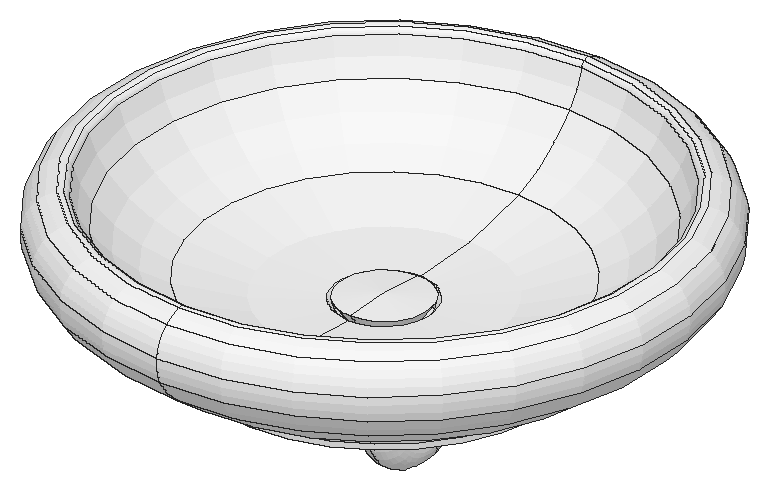
Revit family "WashBasin-50cm-Bowl-VitrA-İstanbulSeries-4522", category Plumbing Fixtures, host Face, Revit 2017
Family settings
  Host = Face
  Round Connector Dimension = Use Diameter
  Part Type = Normal
  OmniClass Number = 23.45.05.14.14
  OmniClass Title = Sinks/Lavatories
  Cut with Voids When Loaded = No
  Shared = Yes
  Room Calculation Point = No
Parameters (values of type "WashBasin-50cm-Bowl-VitrA-İstanbulSeries-4522B403-0016")
  Youtube = "https://www.youtube.com/user/VitrAglobal"
  Weight Net (kg) = "13.9"
  Waste Connection = yes
  Warranty Period (Year) = "10 Years"
  Vent Connection = no
  Uniformat II Description = "Plumbing Fixtures"
  Uniformat II Code = "D2010"
  Uniclass 2015 Name = "Wash basins, Sinks and troughs"
  Uniclass 2015 Code = "Pr_40_20_96_81"
  Uniclass 2.0 Description = "Sanitary Dispensing And Disposal Units"
  Uniclass 2.0 Code = "SS-35-65-70-94"
  Uniclass 1.4 Description = "Washbasins"
  Uniclass 1.4 Code = "L7212"
  URL = "https://www.vitraglobal.com"
  UNSPSC Description = ""
  UNSPSC Code = "301815"
  Technical description = "https://www.vitraglobal.com/pdf/4522B403-0016/"
  Tap hole Options (default) = ""
  Specification = ""
  Region South America = "All"
  Region Oceania = "All"
  Region North America = "All"
  Region Middle East = "All"
  Region Europe = "All"
  Region Asia = "All"
  Region Antarctica = "All"
  Region Africa = "All"
  Product url = "https://www.vitraglobal.com/bathroom-sanitaryware/washbasins/bowls/istanbul-bowl-sku-4522B403-0016/"
  Product manual = ""
  Product group = "İstanbul"
  Product family = "Countertop WashBasin"
  Product data url = "https://www.bimobject.com/vitra-bathrooms/product/4522"
  Product certification = "https://www.vitraglobal.com/brochures/"
  Product SKU = "4522B403-0016"
  Product Guid = ""
  Primary Material = White
  OmniClass Description = "Sinks/Lavatories"
  OmniClass Code = "23.45.05.14.14"
  Nominal Width (mm) = 500 mm
  Nominal Height (mm) = 130 mm
  Nominal Depth (mm) = 500 mm
  NBS Referans Description = "Wash Basin Systems"
  NBS Referans Code = "35-65-70-94"
  Mounting type = "Countertop"
  Model = "4522B403-0016"
  Masterformat 2014 Description = "Residential Lavatories and Sinks"
  Masterformat 2014 Code = "22 41 16"
  Manufacturer name = "VitrA"
  Manufacturer = "VitrA"
  Main Material = "Ceramic"
  Installation instructions = ""
  IFC Classification = "Sanitary Terminal"
  HW Connection = no
  EAN code = ""
  Design country = "Turkey"
  Description = "İstanbul Bowl - Without Tap Hole Without Overflow Hole - 50 cm - White"
  Default Elevation = 850 mm
  Color = "White"
  CW Connection = no
  COBIe Type Category = ""
  Brand = "VitrA"
  BIMobject category = "Sanitary - Basins"
  Article No. (default) = "4522B403-0016"
  Accessories (default) = ""
Types (4, lengths in mm): name | Technical description | Product url | Product data url | Product SKU | Primary Material | Model | Description | Color | Article No. (default)
  WashBasin-50cm-Bowl-VitrA-İstanbulSeries-4522B403-0016 | "https://www.vitraglobal.com/pdf/4522B403-0016/" | "https://www.vitraglobal.com/bathroom-sanitaryware/washbasins/bowls/istanbul-bowl-sku-4522B403-0016/" | "https://www.bimobject.com/vitra-bathrooms/product/4522" | "4522B403-0016" | White | "4522B403-0016" | "İstanbul Bowl - Without Tap Hole Without Overflow Hole - 50 cm - White" | "White" | "4522B403-0016"
  WashBasin-50cm-Bowl-VitrA-İstanbulSeries-4522B470-0016 | "https://www.vitraglobal.com/pdf/4522B470-0016/" | "" | "https://www.vitraglobal.com/bathroom-sanitaryware/washbasins/countertop-washbasins/istanbul-bowl-sku-4522B470-0016/" | "4522B470-0016" | Black | "4522B470-0016" | "İstanbul Bowl - Without Tap Hole Without Overflow Hole - 50 cm - Black" | "Black" | "4522B470-0016"
  WashBasin-50cm-Bowl-VitrA-İstanbulSeries-4522B403H0016 | "https://www.vitra-india.com/pdf/4522B403H0016/" | "https://www.vitra-india.com/bathroom-sanitaryware/washbasins/bowls/istanbul-bowl-sku-4522B403H0016/" | "" | "4522B403H0016" | White | "4522B403H0016" | "İstanbul Bowl - Without Tap Hole Without Overflow Hole - 50 cm - White" | "White" | "4522B403H0016"
  WashBasin-50cm-Bowl-VitrA-İstanbulSeries-4522B470H0016 | "https://www.vitra-india.com/pdf/4522B470H0016/" | "https://www.vitra-india.com/bathroom-sanitaryware/washbasins/countertop-washbasins/istanbul-bowl-sku-4522B470H0016/" | "" | "4522B470H0016" | Black | "4522B470H0016" | "İstanbul Bowl - Without Tap Hole Without Overflow Hole - 50 cm - Black" | "Black" | "4522B470H0016"
Reference planes
  plane 1 "Center (Front/Back)": y = 0
  plane 2: z = 0
  plane 3 "Center (Left/Right)": x = 0
  plane 4: y = -251.414
  plane 5: y = 248.586
  plane 6: x = 249.456
  plane 7: x = -250.544
  plane 8: z = 130
Forms (mm)
  Revolve 1, solid, material "White" <- "Primary Material", detail levels fine
    sketch origin (0, 0, 0) x (0, 1, 0) y (0, 0, 1)
      loop
        line (-23.02, 0.147) -> (-23.02, 11.235) -> (-35.953, 22.088) -> (-35.953, 32.997) -> (-39.489, 36.533)
        arc (-39.489, 36.533) -> (-94.055, 39.645) -> (-146.912, 53.547) r 273.453
        arc (-146.912, 53.547) -> (-177.924, 70.55) -> (-202.817, 95.674) r 123.021
        arc (-202.817, 95.674) -> (-210.627, 108.553) -> (-215.968, 122.638) r 82.538
        arc (-215.968, 122.638) -> (-217.287, 125.199) -> (-219.518, 127.022) r 7.082
        arc (-219.518, 127.022) -> (-222.172, 127.797) -> (-224.92, 127.496) r 7.082
        arc (-224.92, 127.496) -> (-232.036, 124.586) -> (-238.574, 120.54) r 46.385
        arc (-238.574, 120.54) -> (-245.99, 110.66) -> (-249.624, 98.853) r 35.942
        arc (-249.624, 98.853) -> (-249.053, 88.155) -> (-245.931, 77.908) r 44.281
        arc (-245.931, 77.908) -> (-238.471, 66.645) -> (-229.004, 57.006) r 70.694
        arc (-229.004, 57.006) -> (-198.386, 35.153) -> (-164.717, 18.378) r 238.83
        arc (-164.717, 18.378) -> (-158.711, 15.643) -> (-152.968, 12.392) r 75.137
        arc (-152.968, 12.392) -> (-149.499, 9.211) -> (-147.398, 4.999) r 12.935
        arc (-147.398, 4.999) -> (-147.112, 2.577) -> (-146.912, 0.147) r 69.309
        line (-146.912, 0.147) -> (-23.02, 0.147)
      axis (0, 127.496) -> (0, 0.147)
    angle from 0 to 360
  Revolve 2, solid, detail levels medium
    sketch origin (0, 0, 0) x (0, 1, 0) y (0, 0, 1)
      loop
        arc (0, 36.533) -> (-22.77, 36.174) -> (-45.541, 36.533) r 722.109
        arc (-45.541, 36.533) -> (-90.438, 40.745) -> (-134.469, 50.478) r 363.867
        arc (-134.469, 50.478) -> (-168.037, 62.336) -> (-195.09, 85.478) r 97.277
        arc (-195.09, 85.478) -> (-207.644, 104.26) -> (-216.635, 124.985) r 125.748
        arc (-216.635, 124.985) -> (-219.242, 127.656) -> (-222.858, 128.578) r 6.898
        arc (-222.858, 128.578) -> (-242.643, 119.48) -> (-249.624, 98.853) r 27.524
        arc (-249.624, 98.853) -> (-239.81, 69.547) -> (-217.453, 48.209) r 64.279
        arc (-217.453, 48.209) -> (-186.566, 26.68) -> (-160, 0) r 210.84
        line (-160, 0) -> (0, 0) -> (0, 36.533)
      axis (0, 0) -> (0, 128.578)
    angle from 0 to 360
  Extrusion 3, solid, detail levels coarse
    sketch origin (0, 0, 0) x (1, 0, 0) y (0, 1, 0)
      loop
        circle (0, 0) r 249.624
    from 0 to 130
  Revolve 4, solid, material "White" <- "Primary Material", detail levels fine
    sketch origin (0, 0, 0) x (0, 1, 0) y (0, 0, 1)
      loop
        line (0, 22.088) -> (25, 22.088) -> (36.472, 38.471)
        arc (36.472, 38.471) -> (18.294, 40.574) -> (0, 41.021) r 201.577
        line (0, 41.021) -> (0, 22.088)
      axis (0, 22.088) -> (0, 41.021)
    angle from 0 to 360
Dimensions and locks
  "Nominal Depth (mm)": plane 5 to plane 4
  "Nominal Width (mm)": plane 7 to plane 6
  "Nominal Height (mm)": plane 8 to host face
  aligned and locked: plane 2 to host face
  aligned and locked: level to host face
Automatic sketch dimensions
  host sketch curve to host sketch curve = 2438.4 mm
  host sketch curve to host sketch curve = 2259.2 mm
  Revolve 1 sketch curve to Revolve 1 sketch curve = 0 mm  (x10)
  Revolve 1 sketch curve to plane 1 "Center (Front/Back)" = 0 mm
  level to Revolve 1 sketch curve = 0.147 mm
  plane 1 "Center (Front/Back)" to Revolve 1 sketch curve = 23.02 mm
  Revolve 1 sketch curve to Revolve 1 sketch curve = 12.933 mm
  Revolve 1 sketch curve to Revolve 1 sketch curve = 3.536 mm  (x2)
  plane 1 "Center (Front/Back)" to Revolve 1 sketch curve = 51.277 mm
  Revolve 1 sketch curve to Revolve 1 sketch curve = 24.103 mm
  Revolve 1 sketch curve to Revolve 1 sketch curve = 28.508 mm
  Revolve 1 sketch curve to Revolve 1 sketch curve = 32.554 mm
  plane 4 to Revolve 1 sketch curve = 104.501 mm
  level to Revolve 1 sketch curve = 1.427 mm
  Revolve 1 sketch curve to Revolve 1 sketch curve = 12.917 mm
  plane 4 to Revolve 1 sketch curve = 67.882 mm
  plane 4 to Revolve 1 sketch curve = 58.591 mm
  plane 4 to Revolve 1 sketch curve = 45.969 mm
  plane 4 to Revolve 1 sketch curve = 40.435 mm
  Revolve 1 sketch curve to Revolve 1 sketch curve = 8.521 mm
  Revolve 1 sketch curve to level = 4.326 mm
  plane 4 to Revolve 1 sketch curve = 35.337 mm
  plane 4 to Revolve 1 sketch curve = 28.622 mm
  Revolve 1 sketch curve to level = 51.304 mm
  Revolve 1 sketch curve to Revolve 1 sketch curve = 11.088 mm
  Revolve 1 sketch curve to Revolve 1 sketch curve = 10.852 mm
  Revolve 1 sketch curve to Revolve 1 sketch curve = 10.91 mm
  Revolve 1 sketch curve to Revolve 1 sketch curve = 11.086 mm
  Revolve 1 sketch curve to Revolve 1 sketch curve = 1.502 mm
  Revolve 1 sketch curve to Revolve 1 sketch curve = 15.289 mm
  Revolve 1 sketch curve to Revolve 1 sketch curve = 71.071 mm
  Revolve 1 sketch curve to Revolve 1 sketch curve = 69.862 mm
  Revolve 1 sketch curve to Revolve 1 sketch curve = 0.486 mm
  Revolve 1 sketch curve to Revolve 1 sketch curve = 5.402 mm
  Revolve 1 sketch curve to Revolve 1 sketch curve = 13.654 mm
  Revolve 1 sketch curve to Revolve 1 sketch curve = 16.926 mm
  Revolve 1 sketch curve to Revolve 1 sketch curve = 37.15 mm
  Revolve 1 sketch curve to Revolve 1 sketch curve = 25 mm
  Revolve 1 sketch curve to plane 8 = 46.743 mm
  Revolve 1 sketch curve to plane 8 = 9.258 mm
  Revolve 1 sketch curve to Revolve 1 sketch curve = 33.602 mm
  Revolve 1 sketch curve to Revolve 1 sketch curve = 24.063 mm
  Revolve 2 sketch curve to level = 0 mm
  Revolve 2 sketch curve to plane 1 "Center (Front/Back)" = 0 mm  (x2)
  plane 1 "Center (Front/Back)" to Revolve 2 sketch curve = 22.77 mm
  plane 1 "Center (Front/Back)" to Revolve 2 sketch curve = 34.067 mm
  plane 8 to Revolve 2 sketch curve = 34.464 mm
  plane 1 "Center (Front/Back)" to Revolve 2 sketch curve = 97.245 mm
  plane 8 to Revolve 2 sketch curve = 16.58 mm
  Revolve 2 sketch curve to Revolve 2 sketch curve = 22.153 mm
  plane 4 to Revolve 2 sketch curve = 91.414 mm
  Revolve 2 sketch curve to plane 8 = 25.987 mm
  plane 4 to Revolve 2 sketch curve = 65.861 mm
  plane 4 to Revolve 2 sketch curve = 29.225 mm
  Revolve 2 sketch curve to plane 8 = 8.317 mm
  Revolve 2 sketch curve to Revolve 2 sketch curve = 0.502 mm
  Revolve 2 sketch curve to plane 4 = 70.678 mm
  Revolve 2 sketch curve to level = 134.833 mm
  Revolve 2 sketch curve to Revolve 2 sketch curve = 36.533 mm
  Revolve 2 sketch curve to Revolve 2 sketch curve = 20.621 mm
  Revolve 2 sketch curve to Revolve 2 sketch curve = 235.755 mm
  Revolve 2 sketch curve to Revolve 2 sketch curve = 358.064 mm
  Revolve 2 sketch curve to Revolve 2 sketch curve = 0 mm  (x4)
  level to Revolve 2 sketch curve = 50.478 mm
  Revolve 2 sketch curve to plane 8 = 5.015 mm
  Revolve 2 sketch curve to Revolve 2 sketch curve = 18.266 mm
  Revolve 2 sketch curve to Revolve 2 sketch curve = 41.376 mm
  plane 1 "Center (Front/Back)" to Extrusion 3 sketch curve = 0 mm
  Extrusion 3 sketch curve to plane 3 "Center (Left/Right)" = 0 mm
  Revolve 4 sketch curve to plane 1 "Center (Front/Back)" = 0 mm  (x2)
  Revolve 4 sketch curve to plane 1 "Center (Front/Back)" = 4.232 mm
  Revolve 4 sketch curve to Revolve 4 sketch curve = 25 mm
  Revolve 4 sketch curve to Revolve 4 sketch curve = 11.472 mm
  Revolve 4 sketch curve to level = 160.512 mm
  level to Revolve 4 sketch curve = 22.088 mm
  Revolve 4 sketch curve to Revolve 4 sketch curve = 16.383 mm
  Revolve 4 sketch curve to Revolve 4 sketch curve = 5 mm
  Revolve 4 sketch curve to Revolve 4 sketch curve = 9.457 mm
  radius of Extrusion 3 sketch curve = 249.624 mm
Nested families
  nested 1: "Trap-BidetTrap-PType-Vitra-Other-A45118" at (-0.301, 331.25, -51.909) x (1, 0, 0) z (0, -1, 0), type "Trap-BidetTrap-PType-Vitra-Other-A45118"
Connectors
  piping at (0.039, 330.937, -38.062), diameter 50, driven by "Waste Connection"
    settings: on nested 1, index 1, connector inside diameter 609.6 mm, connector length 0 mm, flow factor 0, pipe flow 0.0 L/s, pressure drop 0.0 Pa, fitting loss kfactor 0, connector angle 0.00°, fixture units 0, engagement length 0 mm, angle of deflection 0.00°, flow configuration 0, flow direction 2, fitting loss method 0, system type 16, joint type 0, gender type 0, connector reference index -1, connector utility 1, adjustable connector no, is connector primary yes, connector description ""
Definition of nested family "Trap-BidetTrap-PType-Vitra-Other-A45118"
  Parameters (values of type "Trap-BidetTrap-PType-Vitra-Other-A45118")
    Youtube clip = "https://www.youtube.com/user/VitrAglobal"
    Width(mm) = 70 mm
    Weight Net (Kg) = 0.908
    Warranty Period (Year) = "5"
    Uniformat II Description = "Plumbing Fixtures"
    Uniformat II Code = "D2010"
    Uniclass 2015 Name = "Drainage traps and accessories"
    Uniclass 2015 Code = "Pr_65_52_25"
    Uniclass 2.0 Description = "Drainage Traps"
    Uniclass 2.0 Code = "PR-62-24"
    Uniclass 1.4 Description = "Traps for sinks and basins"
    Uniclass 1.4 Code = "L7218"
    URL = "https://vitraglobal.com/"
    UNSPSC Description = "Traps and strainers"
    UNSPSC Code = "401425"
    Technical description = "https://www.vitraglobal.com/pdf/A45118/"
    Region South America = "All"
    Region Oceania = "All"
    Region North America = "All"
    Region Middle East = "All"
    Region Europe = "All"
    Region Asia = "All"
    Region Antarctica = "All"
    Region Africa = "All"
    Product url = ""
    Product group = "P Type Trap"
    Product family = "OtherSeries"
    Product data url = "https://www.vitraglobal.com/taps-mixers/complimentary-products/syphon-and-strainer/traps-bidet-trap-p-type--sku-A45118/"
    Product certification = "https://vitraglobal.com/catalogues/quality-certificates"
    Product Type = "Trap"
    Product SKU = "A45118"
    Product Properties = ""
    Product Guid = ""
    OmniClass Description = "Liquid Traps"
    OmniClass Code = "23-27 37 00"
    Number Of Connections = "1"
    Nominal width = 0
    Nominal height = 0
    NBS Reference Description = "Traps and strainers"
    NBS Reference Code = "401425"
    MountingType = "Pipe connection"
    Model = "A45118"
    Masterformat 2014 Description = "Plumbing Fixtures"
    Masterformat 2014 Code = "22 40 00"
    Manufacturer name = "Vitra"
    Manufacturer country = "Turkey"
    Manufacturer = "Vitra"
    Installation instructions = ""
    IFC Classification = "Sanitary Terminal"
    Height(mm) = 110 mm
    HW Connection = yes
    GTIP code = ""
    Features = ""
    EAN code = ""
    Design country = ""
    Description = "Traps Bidet Trap (P Type)"
    Depth(mm) = 355 mm
    Default Elevation = 650 mm
    Date of publishing = "2003"
    Cost = 0
    Connection Diameter (mm) = 15 mm
    Color = "Chrome"
    Coating Material = none
    CW Connection = yes
    COBIe Type Category = ""
    Brand = "VitrA"
    BIMobject category = "Sanitary - Taps & Mixers"
    Article No. (default) = "A45118"
    Approvals = ""
    ApplicationType = ""
  Types (5, lengths in mm): name | Product SKU | Model | Color | Article No. (default)
    Trap-BidetTrap-PType-Vitra-Other-A45118 | "A45118" | "A45118" | "Chrome" | "A45118"
    Trap-BidetTrap-PType-Vitra-Other-A4511823EXP | "A4511823EXP" | "A4511823EXP" | "" | "A4511823EXP"
    Trap-BidetTrap-PType-Vitra-Other-A45118EXP | "A45118EXP" | "A45118EXP" | "Chrome" | "A45118EXP"
    Trap-BidetTrap-PType-Vitra-Other-A45118TPL | "A45118TPL" | "A45118TPL" | "Chrome" | "A45118TPL"
    Trap-BidetTrap-PType-Vitra-Other-A45118TPX | "A45118TPX" | "A45118TPX" | "Chrome" | "A45118TPX"
  Reference planes
    plane 1 "Center (Front/Back)": y = 0
    plane 2: z = 0
    plane 3 "Center (Left/Right)": x = 0
    plane 4: x = 35
    plane 5: x = -35
    plane 6: y = 52.097
    plane 7: y = -57.903
    plane 8: z = 355
  Forms (mm)
    Revolve 1, solid, material <- "Coating Material"
      sketch origin (0.34, -600, -766.278) x (0, 0, 1) y (0, 1, 0)
        loop
          line (1113.49, 643.097) -> (1116.09, 643.097)
          arc (1116.09, 643.097) -> (1118.212, 643.975) -> (1119.09, 646.097) r 3
          line (1119.09, 646.097) -> (1119.09, 652.097) -> (1097.59, 652.097) -> (1097.59, 623.02) -> (1113.49, 623.02) -> (1113.49, 643.097)
        axis (1097.59, 652.097) -> (1097.59, 623.02)
      angle from 0 to 360
    Sweep 2, solid, material <- "Coating Material"
      path origin (0.34, -600, -766.278) x (0, 0, 1) y (0, 1, 0)
        loop
          line (1097.59, 608.575) -> (1097.59, 592.847)
          arc (1097.59, 592.847) -> (1086.661, 570.652) -> (1062.405, 565.784) r 28
          arc (1062.405, 565.784) -> (1055.589, 568.599) -> (1049.745, 573.095) r 28
          arc (1049.745, 573.095) -> (1044.313, 580.804) -> (1041.748, 589.879) r 28
          arc (1041.748, 589.879) -> (1033.014, 606.974) -> (1015.09, 613.847) r 26.809
      profile origin (0.34, 0.711, 331.312) x (0, 0, 1) y (-1, 0, 0)
        loop
          circle (0, 0) r 18
    Revolve 3, solid, material <- "Coating Material"
      sketch origin (0.34, -600, -766.278) x (0, 0, 1) y (0, 1, 0)
        loop
          line (1097.59, 623.02) -> (1097.59, 608.575) -> (1115.59, 608.575) -> (1117.269, 610.699) -> (1117.269, 614.02) -> (1119.09, 614.02) -> (1119.09, 620.02)
          arc (1119.09, 620.02) -> (1118.212, 622.141) -> (1116.09, 623.02) r 3
          line (1116.09, 623.02) -> (1097.59, 623.02)
        axis (1097.59, 623.02) -> (1097.59, 608.575)
      angle from 0 to 360
    Revolve 4, solid, material <- "Coating Material"
      sketch origin (0.34, -1083.746, 854.107) x (0, 1, 0) y (0, 0, -1)
        loop
          line (1097.59, 623.02) -> (1097.59, 605.294) -> (1115.652, 605.294) -> (1117.269, 607.34) -> (1117.269, 614.02) -> (1119.09, 614.02) -> (1119.09, 620.02)
          arc (1119.09, 620.02) -> (1118.212, 622.141) -> (1116.09, 623.02) r 3
          line (1116.09, 623.02) -> (1097.59, 623.02)
        axis (1097.59, 623.02) -> (1097.59, 605.294)
      angle from 0 to 360
    Revolve 5, solid, material <- "Coating Material"
      sketch origin (0.34, -600, -766.278) x (0, 0, 1) y (0, 1, 0)
        loop
          line (779.59, 629.747) -> (779.59, 636.347)
          arc (779.59, 636.347) -> (776.662, 643.418) -> (769.59, 646.347) r 10
          line (769.59, 646.347) -> (766.59, 646.347) -> (766.59, 613.847) -> (997.365, 613.847) -> (997.365, 629.747) -> (779.59, 629.747)
        axis (766.59, 613.847) -> (997.365, 613.847)
      angle from 0 to 360
  Cuts and joins
    joined: Revolve 1, Sweep 2, Revolve 3
  Lines and regions (mm)
    Masking region 1, detail levels coarse
      outline origin (0, 0, 0) x (1, 0, 0) y (0, 0, 1)
        loop
          line (9.75, 66) -> (-9.75, 66) -> (-9.75, 0) -> (9.75, 0) -> (9.75, 66)
    Masking region 2, detail levels medium
      outline origin (0, 0, 0) x (1, 0, 0) y (0, 0, 1)
        loop
          line (80.25, 47) -> (80.25, 61) -> (46.607, 66) -> (43.393, 66) -> (9.75, 61) -> (9.75, 47) -> (80.25, 47)
        loop
          line (-11.477, 20.4) -> (-11.477, 0) -> (11.623, 0) -> (11.623, 20.4) -> (-11.477, 20.4)
    Masking region 3, detail levels medium
      outline origin (0, 0, 0) x (1, 0, 0) y (0, 0, 1)
        loop
          line (46.607, 66) -> (43.393, 66) -> (9.75, 61) -> (80.25, 61) -> (46.607, 66)
        loop
          line (-16.8, 47) -> (-16.8, 20.4) -> (16.8, 20.4) -> (16.8, 47) -> (-16.8, 47)
    Masking region 4, detail levels medium
      outline origin (0, 0, 0) x (1, 0, 0) y (0, 0, 1)
        loop
          line (-35.25, 47) -> (35.25, 47) -> (35.25, 61) -> (-35.25, 61) -> (-35.25, 47)
    Masking region 5, detail levels medium
      outline origin (0, 0, 0) x (1, 0, 0) y (0, 0, 1)
        loop
          line (-35.25, 61) -> (35.25, 61) -> (20.55, 66) -> (-20.55, 66) -> (-35.25, 61)
    Masking region 6, detail levels fine
      outline origin (0, 0, 0) x (1, 0, 0) y (0, 0, 1)
        loop
          line (9.75, 60.177) -> (-9.75, 60.177) -> (-9.75, 47) -> (9.75, 47) -> (9.75, 60.177)
        loop
          line (-15.27, 21.742) -> (-15.27, 20.242) -> (15.27, 20.242) -> (15.27, 21.742) -> (-15.27, 21.742)
        loop
          line (-8.431, 17.647) -> (-8.431, 16.361) -> (8.43, 16.361) -> (8.43, 17.647) -> (-8.431, 17.647)
        loop
          line (-7.746, 11.304) -> (-7.746, 13.2) -> (-11.623, 13.2) -> (-11.623, 0) -> (11.623, 0) -> (11.623, 13.2) -> (7.746, 13.2) -> (7.746, 11.304)
          arc (7.746, 11.304) -> (0, 10.498) -> (-7.746, 11.304) r 37.629
    Masking region 7, detail levels fine
      outline origin (0, 0, 0) x (1, 0, 0) y (0, 0, 1)
        loop
          arc (-9.75, 60.177) -> (0, -1040.099) -> (9.75, 60.177) r 550.181
          line (9.75, 60.177) -> (-9.75, 60.177)
        loop
          line (-16.8, 47) -> (-16.8, 21.947) -> (16.8, 21.947) -> (16.8, 47) -> (-16.8, 47)
        loop
          line (-7.746, 13.2) -> (-7.746, 11.304) -> (7.746, 11.304) -> (7.746, 13.2)
          arc (7.746, 13.2) -> (4.097, 15.277) -> (0, 16.199) r 14.241
          arc (0, 16.199) -> (-4.097, 15.277) -> (-7.746, 13.2) r 14.241
    Masking region 8, detail levels fine
      outline origin (0, 0, 0) x (1, 0, 0) y (0, 0, 1)
        loop
          arc (0, 16.199) -> (4.097, 15.277) -> (7.746, 13.2) r 14.241
          line (7.746, 13.2) -> (11.59, 13.2) -> (8.43, 16.361) -> (-8.431, 16.361) -> (-11.592, 13.2) -> (-7.746, 13.2)
          arc (-7.746, 13.2) -> (-4.097, 15.277) -> (0, 16.199) r 14.241
        loop
          line (-8.431, 17.647) -> (8.43, 17.647) -> (10.227, 20.242) -> (-10.248, 20.242) -> (-8.431, 17.647)
        loop
          line (-16.8, 21.947) -> (-15.27, 21.742) -> (15.27, 21.742) -> (16.8, 21.947) -> (-16.8, 21.947)
  Dimensions and locks
    "Width(mm)": plane 5 to plane 4
    "Height(mm)": plane 6 to plane 7
    "Depth(mm)": plane 8 to level
    aligned and locked: plane 2 to level
    aligned and locked: Revolve 4 to cut or joined group of Revolve 1, Sweep 2, Revolve 3
    aligned and locked: cut or joined group of Revolve 1, Sweep 2, Revolve 3 to cut or joined group of Revolve 1, Sweep 2, Revolve 3  (x2)
    aligned and locked: Revolve 4 to Revolve 5
  Automatic sketch dimensions
    Masking region 1 sketch curve to level = 0 mm
    Masking region 1 sketch curve to plane 5 = 44.75 mm
    plane 4 to Masking region 1 sketch curve = 44.75 mm
    Masking region 2 sketch curve to level = 0 mm
    Masking region 2 sketch curve to plane 5 = 44.75 mm
    Masking region 2 sketch curve to Masking region 2 sketch curve = 33.643 mm  (x2)
    Masking region 2 sketch curve to plane 3 "Center (Left/Right)" = 11.477 mm
    plane 3 "Center (Left/Right)" to Masking region 2 sketch curve = 11.623 mm
    plane 3 "Center (Left/Right)" to Masking region 2 sketch curve = 46.607 mm
    level to Masking region 2 sketch curve = 20.4 mm
    Masking region 3 sketch curve to plane 5 = 44.75 mm
    Masking region 3 sketch curve to Masking region 3 sketch curve = 33.643 mm  (x2)
    Masking region 3 sketch curve to plane 3 "Center (Left/Right)" = 16.8 mm
    plane 3 "Center (Left/Right)" to Masking region 3 sketch curve = 16.8 mm
    Masking region 3 sketch curve to Masking region 3 sketch curve = 29.807 mm
    level to Masking region 3 sketch curve = 20.4 mm
    Masking region 4 sketch curve to plane 3 "Center (Left/Right)" = 35.25 mm
    plane 3 "Center (Left/Right)" to Masking region 4 sketch curve = 35.25 mm
    Masking region 4 sketch curve to Masking region 4 sketch curve = 14 mm
    Masking region 5 sketch curve to plane 3 "Center (Left/Right)" = 35.25 mm
    Masking region 5 sketch curve to Masking region 5 sketch curve = 14.7 mm  (x2)
    plane 3 "Center (Left/Right)" to Masking region 5 sketch curve = 20.55 mm
    Masking region 6 sketch curve to level = 0 mm
    Masking region 6 sketch curve to plane 5 = 44.75 mm
    Masking region 6 sketch curve to plane 3 "Center (Left/Right)" = 15.27 mm
    Masking region 6 sketch curve to plane 3 "Center (Left/Right)" = 11.623 mm
    Masking region 6 sketch curve to Masking region 6 sketch curve = 3.192 mm
    Masking region 6 sketch curve to Masking region 6 sketch curve = 0.685 mm
    plane 3 "Center (Left/Right)" to Masking region 6 sketch curve = 0 mm
    plane 3 "Center (Left/Right)" to Masking region 6 sketch curve = 7.746 mm
    Masking region 6 sketch curve to Masking region 6 sketch curve = 0.684 mm
    plane 3 "Center (Left/Right)" to Masking region 6 sketch curve = 11.623 mm
    Masking region 6 sketch curve to Masking region 6 sketch curve = 6.84 mm
    plane 4 to Masking region 6 sketch curve = 44.75 mm
    level to Masking region 6 sketch curve = 11.304 mm
    Masking region 6 sketch curve to Masking region 6 sketch curve = 1.896 mm  (x2)
    Masking region 6 sketch curve to Masking region 6 sketch curve = 3.16 mm
    Masking region 6 sketch curve to Masking region 6 sketch curve = 1.286 mm
    Masking region 6 sketch curve to Masking region 6 sketch curve = 2.595 mm
    Masking region 6 sketch curve to Masking region 6 sketch curve = 1.5 mm
    Masking region 7 sketch curve to plane 5 = 44.75 mm
    Masking region 7 sketch curve to plane 3 "Center (Left/Right)" = 16.8 mm
    Masking region 7 sketch curve to plane 3 "Center (Left/Right)" = 7.746 mm
    Masking region 7 sketch curve to plane 3 "Center (Left/Right)" = 1.046 mm
    plane 3 "Center (Left/Right)" to Masking region 7 sketch curve = 0 mm
    plane 3 "Center (Left/Right)" to Masking region 7 sketch curve = 1.046 mm
    plane 3 "Center (Left/Right)" to Masking region 7 sketch curve = 7.746 mm
    Masking region 7 sketch curve to Masking region 7 sketch curve = 9.054 mm
    level to Masking region 7 sketch curve = 21.947 mm
    Masking region 7 sketch curve to Masking region 7 sketch curve = 8.747 mm  (x2)
    Masking region 7 sketch curve to Masking region 7 sketch curve = 1.896 mm
    level to Masking region 7 sketch curve = 1.997 mm  (x2)
    Masking region 7 sketch curve to level = 489.918 mm
    Masking region 8 sketch curve to plane 3 "Center (Left/Right)" = 16.8 mm
    Masking region 8 sketch curve to Masking region 8 sketch curve = 1.53 mm  (x2)
    Masking region 8 sketch curve to Masking region 8 sketch curve = 3.678 mm
    Masking region 8 sketch curve to Masking region 8 sketch curve = 5.021 mm
    Masking region 8 sketch curve to Masking region 8 sketch curve = 1.817 mm
    Masking region 8 sketch curve to Masking region 8 sketch curve = 0 mm  (x2)
    Masking region 8 sketch curve to Masking region 8 sketch curve = 0.685 mm
    Masking region 8 sketch curve to plane 3 "Center (Left/Right)" = 1.046 mm
    plane 3 "Center (Left/Right)" to Masking region 8 sketch curve = 1.046 mm
    plane 3 "Center (Left/Right)" to Masking region 8 sketch curve = 7.746 mm
    Masking region 8 sketch curve to Masking region 8 sketch curve = 0.684 mm
    Masking region 8 sketch curve to Masking region 8 sketch curve = 1.797 mm
    Masking region 8 sketch curve to Masking region 8 sketch curve = 3.844 mm
    Masking region 8 sketch curve to Masking region 8 sketch curve = 5.043 mm
    level to Masking region 8 sketch curve = 1.997 mm  (x2)
    level to Masking region 8 sketch curve = 13.2 mm
    Masking region 8 sketch curve to Masking region 8 sketch curve = 11.203 mm
    Masking region 8 sketch curve to Masking region 8 sketch curve = 3.16 mm
    Masking region 8 sketch curve to Masking region 8 sketch curve = 1.286 mm
    Masking region 8 sketch curve to Masking region 8 sketch curve = 2.595 mm
    Masking region 8 sketch curve to Masking region 8 sketch curve = 1.5 mm
    Masking region 8 sketch curve to Masking region 8 sketch curve = 0.205 mm
    Revolve 1 sketch curve to Revolve 1 sketch curve = 15.9 mm
    Revolve 1 sketch curve to Revolve 1 sketch curve = 2.6 mm
    Revolve 1 sketch curve to Revolve 1 sketch curve = 3 mm
    Revolve 1 sketch curve to Revolve 1 sketch curve = 20.077 mm
    Revolve 1 sketch curve to Revolve 1 sketch curve = 9 mm
    Revolve 1 sketch curve to Revolve 1 sketch curve = 0 mm
    Revolve 1 sketch curve to Revolve 1 sketch curve = 6.191 mm
    Revolve 1 sketch curve to Revolve 1 sketch curve = 8.347 mm
    Sweep 2 sketch curve to Sweep 2 sketch curve = 0 mm  (x8)
    Sweep 2 sketch curve to Sweep 2 sketch curve = 54.5 mm
    Sweep 2 sketch curve to Sweep 2 sketch curve = 28 mm
    Sweep 2 sketch curve to Sweep 2 sketch curve = 5.809 mm
    Sweep 2 sketch curve to Sweep 2 sketch curve = 7.996 mm
    Sweep 2 sketch curve to Sweep 2 sketch curve = 12.661 mm
    Sweep 2 sketch curve to Sweep 2 sketch curve = 15.729 mm
    Sweep 2 sketch curve to profile plane = 0 mm
    profile plane to Sweep 2 sketch curve = 0 mm
    Revolve 3 sketch curve to Revolve 3 sketch curve = 18 mm
    Revolve 3 sketch curve to Revolve 3 sketch curve = 0.5 mm
    Revolve 3 sketch curve to Revolve 3 sketch curve = 1.679 mm
    Revolve 3 sketch curve to Revolve 3 sketch curve = 3 mm
    Revolve 3 sketch curve to Revolve 3 sketch curve = 2.124 mm
    Revolve 3 sketch curve to Revolve 3 sketch curve = 3.32 mm
    Revolve 3 sketch curve to Revolve 3 sketch curve = 6 mm
    Revolve 3 sketch curve to Revolve 3 sketch curve = 0 mm
    Revolve 3 sketch curve to Revolve 3 sketch curve = 1.18 mm
    Revolve 3 sketch curve to Revolve 3 sketch curve = 1.817 mm
    Revolve 4 sketch curve to Revolve 4 sketch curve = 18.062 mm
    Revolve 4 sketch curve to Revolve 4 sketch curve = 0.438 mm
    Revolve 4 sketch curve to Revolve 4 sketch curve = 1.179 mm
    Revolve 4 sketch curve to Revolve 4 sketch curve = 3 mm
    Revolve 4 sketch curve to Revolve 4 sketch curve = 6 mm
    Revolve 4 sketch curve to Revolve 4 sketch curve = 6.68 mm
    Revolve 4 sketch curve to Revolve 4 sketch curve = 2.046 mm
    Revolve 4 sketch curve to Revolve 4 sketch curve = 0 mm
    Revolve 4 sketch curve to Revolve 4 sketch curve = 4.462 mm
    Revolve 4 sketch curve to Revolve 4 sketch curve = 1.817 mm
    level to Revolve 5 sketch curve = 0.313 mm
    Revolve 5 sketch curve to Revolve 5 sketch curve = 3 mm
    Revolve 5 sketch curve to Revolve 5 sketch curve = 10 mm
    Revolve 5 sketch curve to Revolve 5 sketch curve = 15.9 mm  (x2)
    Revolve 5 sketch curve to Revolve 5 sketch curve = 6.6 mm
    Revolve 1 sketch curve to plane 6 = 0 mm
    plane 1 "Center (Front/Back)" to Sweep 2 sketch curve = 12.962 mm
    Revolve 3 sketch curve to plane 1 "Center (Front/Back)" = 8.575 mm
    Revolve 4 sketch curve to plane 1 "Center (Front/Back)" = 13.845 mm
    Revolve 5 sketch curve to plane 1 "Center (Front/Back)" = 13.847 mm
    level to Masking region 1 sketch curve = 66 mm
    Masking region 2 sketch curve to Masking region 2 sketch curve = 26.6 mm
    Masking region 2 sketch curve to Masking region 2 sketch curve = 14 mm  (x2)
    Masking region 2 sketch curve to Masking region 2 sketch curve = 5 mm
    Masking region 3 sketch curve to Masking region 3 sketch curve = 26.6 mm
    Masking region 3 sketch curve to Masking region 3 sketch curve = 14 mm
    Masking region 3 sketch curve to Masking region 3 sketch curve = 19 mm
    level to Masking region 4 sketch curve = 47 mm
    level to Masking region 5 sketch curve = 61 mm
    Masking region 5 sketch curve to Masking region 5 sketch curve = 5 mm
    Masking region 6 sketch curve to Masking region 6 sketch curve = 25.258 mm
    Masking region 6 sketch curve to Masking region 6 sketch curve = 1.127 mm
    Masking region 6 sketch curve to Masking region 6 sketch curve = 13.177 mm
    Masking region 7 sketch curve to Masking region 7 sketch curve = 25.053 mm
    Masking region 7 sketch curve to Masking region 7 sketch curve = 13.177 mm
    level to Revolve 1 sketch curve = 331.313 mm
    level to Sweep 2 sketch curve = 248.813 mm
    level to Revolve 3 sketch curve = 331.313 mm
    level to Revolve 4 sketch curve = 248.813 mm
    Revolve 5 sketch curve to Revolve 5 sketch curve = 217.774 mm
    Revolve 5 sketch curve to Revolve 5 sketch curve = 27 mm
    Revolve 5 sketch curve to Revolve 5 sketch curve = 30 mm
    radius of Sweep 2 sketch curve = 18 mm
  Connectors
    piping at (0.34, 13.847, 0.312), diameter 32
      settings: on Revolve 5, index 1, connector inside diameter 609.6 mm, connector length 0 mm, flow factor 0, pipe flow 0.0 L/s, pressure drop 0.0 Pa, fitting loss kfactor 0, connector angle 0.00°, fixture units 0, engagement length 0 mm, angle of deflection 0.00°, flow configuration 0, flow direction 2, fitting loss method 0, system type 16, joint type 0, gender type 0, connector reference index -1, connector utility 0, adjustable connector no, is connector primary yes, connector description ""
